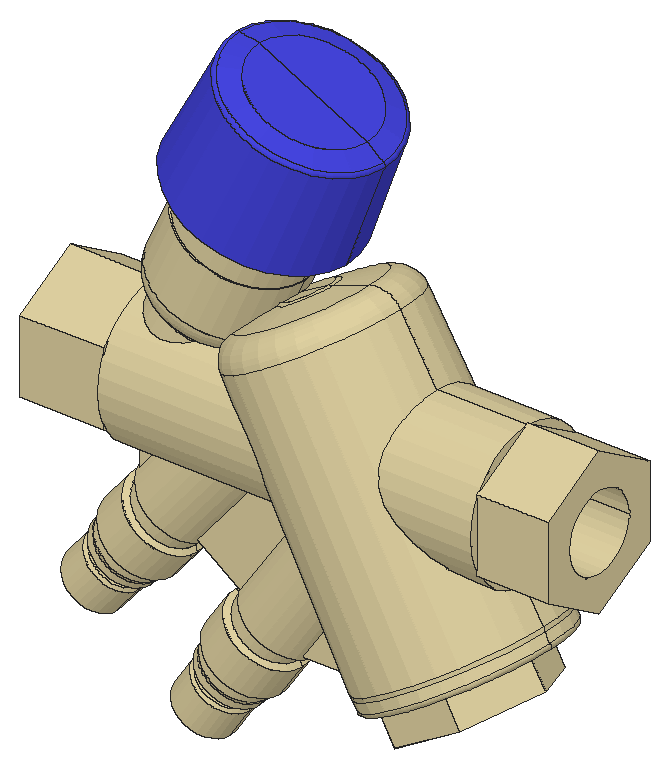
Revit family "DA03600000", category Apparecchi idraulici, Revit 2020
Family settings
  Quota connettore circolare = Usa diametro
  Tipo di parte = Normale
  Numero OmniClass = 23.45.00.00
  Titolo OmniClass = Sanitary, Laundry, and Cleaning Equipment
  Basato su piano di lavoro = No
  Sempre verticale = Sì
  Taglio con vuoti quando caricato = No
  Condiviso = No
  Punto di calcolo locali = No
Parameters
  URL = "https://web.cimberio.com/index.php/figura/1798?subcategoria_id="
  Temperatura di esercizio = ""
  Prospetto di default = 0 mm
  Produttore = "CIMBERIO SPA"
  Pressione nominale = ""
  Modello = "Cim 795B"
  Materiale = "Prodotto in lega di ottone conforme alla norma EN 12165-CW617N-DW"
  Description = ""
  DN Model [instance] = DA0361015 : DA0361015
  DN [instance] = 15 mm
  Commenti sul tipo = "Realizzato in ottemperanza ai requisiti gestionali della norma EN ISO 9001.\r\nCollaudato al 100% secondo la normativa EN 12266-1"
Reference planes
  plane 1 "Centro (Fronte/Retro)": y = 0
  plane 2: z = 0
  plane 3 "Centro (Sinistra/Destra)": x = 0
Dimensions and locks
  aligned and locked: level to plane 2
Nested families
  nested 1: "DA0361015" at (0, 0, 0), type <- "DN Model", type "DA0361015"
  nested 2: "DA0361015" at (0, 0, 0), type <- "DN Model", type "DA0361015"
  nested 3: "DA0361015" at (0, 0, 0), type <- "DN Model", type "DA0361015"
Connectors
  piping at (52.5, 0, 0), diameter 15, driven by "DN"
    settings: on nested 1, index 1, connector inside diameter 609.6 mm, connector length 0 mm, flow factor 0, pipe flow 0.0 L/s, pressure drop 0.0 Pa, fitting loss kfactor 0, connector angle 0.00°, fixture units 0, engagement length 0 mm, angle of deflection 0.00°, flow configuration 0, flow direction 0, fitting loss method 0, system type 7, joint type 0, gender type 0, connector reference index -1, connector utility 0, adjustable connector no, is connector primary yes, connector description ""
  piping at (-52.5, 0, 0), diameter 15, driven by "DN"
    settings: on nested 1, index 2, connector inside diameter 609.6 mm, connector length 0 mm, flow factor 0, pipe flow 0.0 L/s, pressure drop 0.0 Pa, fitting loss kfactor 0, connector angle 0.00°, fixture units 0, engagement length 0 mm, angle of deflection 0.00°, flow configuration 0, flow direction 0, fitting loss method 0, system type 7, joint type 0, gender type 0, connector reference index -1, connector utility 0, adjustable connector no, is connector primary no, connector description ""
Definition of nested family "DA0361015"
  Parameters (values of type "DA0361015")
    URL = ""
    Temperatura di esercizio = ""
    Default Elevation = 0 mm
    Manufacturer = ""
    Pressione nominale = ""
    Model = ""
    Materiale = ""
    Description = ""
    Type Comments = ""
  Reference planes
    plane 1 "Centro (Fronte/Retro)": y = 0
    plane 2: z = 0
    plane 3 "Centro (Sinistra/Destra)": x = 0
  Forms (mm)
    Revolve 1, solid
      sketch origin (0, 0, 0) x (1, 0, 0) y (0, 0, 1)
        loop
          line (38.288, 14.107) -> (-35.867, 14.107) -> (-35.867, 7.5) -> (38.288, 7.5) -> (38.288, 14.107)
        axis (-35.867, 0) -> (38.288, 0)
      angle from 0 to 360
    Extrusion 2, solid
      sketch origin (0, 0, 0) x (0, 1, 0) y (0, 0, 1)
        loop
          circle (0, 0) r 7.5
        loop
          line (0, 14.5) -> (-12.557, 7.25) -> (-12.557, -7.25) -> (0, -14.5) -> (12.557, -7.25) -> (12.557, 7.25) -> (0, 14.5)
      from -52.5 to -35.867
    Extrusion 3, solid
      sketch origin (0, 0, 0) x (0, 1, 0) y (0, 0, -1)
        loop
          circle (0, 0) r 7.5
        loop
          line (0, -14.5) -> (12.557, -7.25) -> (12.557, 7.25) -> (0, 14.5) -> (-12.557, 7.25) -> (-12.557, -7.25) -> (0, -14.5)
      from -52.5 to -38.288
    Revolve 4, solid
      sketch origin (0, 0, 0) x (1, 0, 0) y (0, 0, 1)
        loop
          line (-24.418, 32.743) -> (-29.118, 34.934) -> (-34.237, 23.956)
          arc (-34.237, 23.956) -> (-34.661, 21.115) -> (-33.47, 18.502) r 5.056
          arc (-33.47, 18.502) -> (-33.162, 17.776) -> (-33.339, 17.008) r 1.276
          line (-33.339, 17.008) -> (-36.147, 12.336) -> (-34.774, 11.511) -> (-24.418, 32.743)
        axis (-17.562, 29.546) -> (-27.544, 8.139)
      angle from 0 to 360
    Revolve 5, solid
      sketch origin (0, 0, 0) x (1, 0, 0) y (0, 0, 1)
        loop
          line (-25.616, 41.852) -> (-28.891, 34.829) -> (-24.359, 32.715) -> (-19.7, 42.708) -> (-23.982, 44.705) -> (-25.047, 42.421) -> (-25.616, 41.852)
        axis (-17.562, 29.546) -> (-12.903, 39.538)
      angle from 0 to 360
    Revolve 6, solid
      sketch origin (0, 0, 0) x (1, 0, 0) y (0, 0, 1)
        loop
          arc (-18.811, 64.065) -> (-19.322, 63.994) -> (-19.696, 63.64) r 0.847
          line (-19.696, 63.64) -> (-29.977, 45.045) -> (-25.446, 42.932) -> (-23.923, 45.687) -> (-12.516, 40.367) -> (-4.123, 58.366) -> (-14.897, 63.391) -> (-18.811, 64.065)
        axis (-13.843, 37.521) -> (-4.123, 58.366)
      angle from 0 to 360
    Revolve 7, solid
      sketch origin (0, 0, 0) x (1, 0, 0) y (0, 0, 1)
        loop
          line (27.051, -33.414) -> (42.431, -24.534)
          arc (42.431, -24.534) -> (42.897, -23.927) -> (42.798, -23.167) r 1.002
          line (42.798, -23.167) -> (41.801, -21.433) -> (41.554, -20.623) -> (13.078, 25.81)
          arc (13.078, 25.81) -> (10.441, 27.964) -> (7.038, 28.009) r 5.165
          line (7.038, 28.009) -> (-0.356, 25.318)
          arc (-0.356, 25.318) -> (-0.762, 25.209) -> (-1.179, 25.172) r 2.406
          line (-1.179, 25.172) -> (-5.418, 22.823) -> (27.051, -33.414)
        axis (27.051, -33.414) -> (-5.418, 22.823)
      angle from 0 to 360
    Revolve 8, solid
      sketch origin (0, 0, 0) x (1, 0, 0) y (0, 0, 1)
        loop
          line (-36.872, -17.311) -> (-30.491, -22.665) -> (-15.825, -5.187) -> (-22.205, 0.167) -> (-36.872, -17.311)
        axis (-30.491, -22.665) -> (-15.825, -5.187)
      angle from 0 to 360
    Revolve 9, solid
      sketch origin (18.638, 0, -11.232) x (0.996108, 0, 0.088136) y (-0.088136, 0, 0.996108)
        loop
          line (-36.872, -17.311) -> (-30.491, -22.665) -> (-15.825, -5.187) -> (-22.205, 0.167) -> (-36.872, -17.311)
        axis (-30.491, -22.665) -> (-15.825, -5.187)
      angle from 0 to 360
    Revolve 10, solid
      sketch origin (0, 0, 0) x (1, 0, 0) y (0, 0, 1)
        loop
          line (-44.953, -33.375) -> (-45.709, -33.577) -> (-45.425, -34.355) -> (-46.237, -34.138) -> (-46.237, -34.939) -> (-42.936, -37.709) -> (-30.387, -22.753) -> (-35.573, -18.401) -> (-36.392, -19.019) -> (-38.32, -21.317) -> (-39.555, -21.104) -> (-44.533, -27.037) -> (-44.105, -28.212) -> (-45.542, -29.924) -> (-45.845, -30.674) -> (-46.806, -31.82) -> (-44.953, -33.375)
        axis (-42.936, -37.709) -> (-30.387, -22.753)
      angle from 0 to 360
    Revolve 11, solid
      sketch origin (17.862, 0, -10.773) x (0.995949, 0, 0.089915) y (-0.089915, 0, 0.995949)
        loop
          line (-44.953, -33.375) -> (-45.709, -33.577) -> (-45.425, -34.355) -> (-46.237, -34.138) -> (-46.237, -34.939) -> (-42.936, -37.709) -> (-30.387, -22.753) -> (-35.573, -18.401) -> (-36.392, -19.019) -> (-38.32, -21.317) -> (-39.555, -21.104) -> (-44.533, -27.037) -> (-44.105, -28.212) -> (-45.542, -29.924) -> (-45.845, -30.674) -> (-46.806, -31.82) -> (-44.953, -33.375)
        axis (-42.936, -37.709) -> (-30.387, -22.753)
      angle from 0 to 360
    Revolve 12, solid
      sketch origin (0, 0, 0) x (1, 0, 0) y (0, 0, 1)
        loop
          line (-47.137, -34.154) -> (-47.946, -34.371) -> (-52.338, -39.579) -> (-52.187, -40.357) -> (-48.021, -43.852) -> (-42.889, -37.736) -> (-47.137, -34.154)
        axis (-48.021, -43.852) -> (-42.881, -37.726)
      angle from 0 to 360
    Revolve 13, solid
      sketch origin (17.224, 0, -10.145) x (0.994522, 0, 0.104528) y (-0.104528, 0, 0.994522)
        loop
          line (-47.137, -34.154) -> (-47.946, -34.371) -> (-52.338, -39.579) -> (-52.187, -40.357) -> (-48.021, -43.852) -> (-42.889, -37.736) -> (-47.137, -34.154)
        axis (-48.021, -43.852) -> (-42.881, -37.726)
      angle from 0 to 360
    Extrusion 14, solid
      sketch origin (0, 0, 0) x (1, 0, 0) y (0, 0, 1)
        loop
          line (11.68, -39.936) -> (11.68, -5.6) -> (-35.5, -5.6) -> (-35.5, -18.468) -> (-4.84, -39.936) -> (11.68, -39.936)
      from -4.049 to 4
    Extrusion 15, solid
      sketch origin (27.051, 0, -33.414) x (0, 1, 0) y (0.866025, 0, 0.5)
        loop
          line (-0.602, -15.909) -> (12.388, -8.409) -> (12.388, 6.591) -> (-0.602, 14.091) -> (-13.593, 6.591) -> (-13.593, -8.409) -> (-0.602, -15.909)
      from 0 to 6.081
  Dimensions and locks
    aligned and locked: level to plane 2
